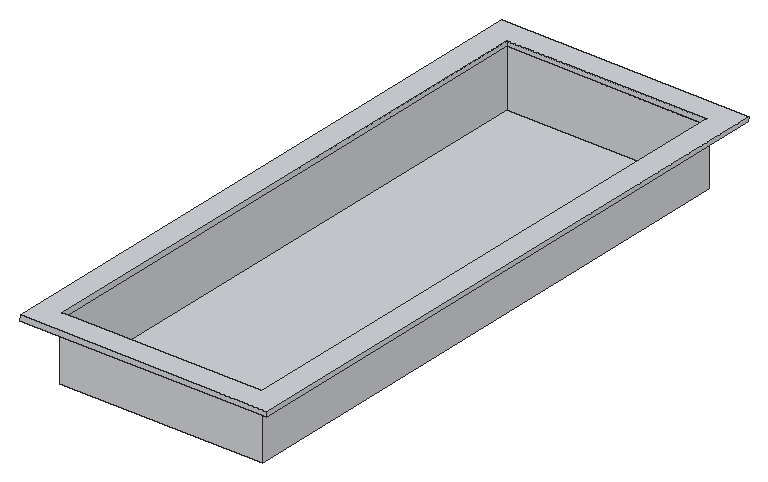
Revit family "Hager-VOLTA-Flush_mounted-Other-Without_Cover-Without_DIN-Hosted-PL-pl", category Electrical Equipment, host Face, Revit 2023
Family settings
  Host = Face
  Panel Configuration = Two Columns, Circuits Across
  Round Connector Dimension = Use Diameter
  Part Type = Panelboard
  Cut with Voids When Loaded = No
  Maintain Annotation Orientation = Yes
  Shared = No
  Room Calculation Point = No
Parameters (values of type "VOLTA-Flush_mounted_W348_H880_D98_12_Modular_Spacing-VU60NK")
  Width Control [instance] = if([HG000006-Flush mounted-pl], if([EF000846 - Szerokość wbudowania] > min_whd, [EF000846 - Szerokość wbudowania], min_whd), if([EF000008 - Szerokość] > min_whd, ([EF000008 - Szerokość]), min_whd))  # 314 mm
  Void Depth [instance] = if([HG000006-Flush mounted-pl], Depth Control, 1 mm)  # 90 mm
  Uniformat code = "D501001"
  Uniformat = "Low Tension Service & Dist."
  HGEF0002950-Szerokość wyrażona liczbą modułów = 12
  HGEF000266-Liczba rzędów = 5
  HG000131 - Functional label [instance] = ""
  HG000130 - Functional name [instance] = ""
  Type Comments = ""
  System Height [instance] = Height Control - 2 * [HG000005-Thickness-pl]  # 861 mm
  Reference description = ""
  Reference = "VOLTA-Flush_mounted_W348_H880_D98_12_Modular_Spacing-VU60NK"
  Object type = ""
  Name hager = "ADD_Enclosures_EC000214"
  Name BIM&CO = "Electricity"
  Name = "VOLTA-Flush_mounted-Other-Without_Cover-Without_DIN-PL"
  Model = ""
  HG000099-Onfly Template ID-pl-PL = "507532"
  HG000060-RAL-number = "9010"
  HG000059-Operating voltage-pl-PL [instance] = 230 V
  HG000017-Distance between poles-pl = 18 mm
  HG000016-Door 3D visibility-pl = yes
  HG000015-Clearance visibility-pl = yes
  HG000014-Door on the right-pl = yes
  HG000013-Door on the left-pl = no
  HG000012-Door swing angle-pl = 90.00°
  HG000011-Empty rows from bottom-pl = no
  HG000010-Asymmetric doors-pl = no
  HG000009-Double swing door-pl = no
  HG000008-Number of empty rows-pl = 0
  HG000007-Number of empty columns-pl = 0
  HG000006-Flush mounted-pl = yes
  HG000005-Thickness-pl = 2 mm
  HG000004-Manufacturer reference-pl = "VU60NK"
  HG000003-Range-pl = "VOLTA"
  HG000002-with door or cover-pl = no
  HG000001-Number of columns-pl = 0
  GTIN (Global Trade Item Number) = ""
  ETIM class name = "Small distribution board"
  ETIM class code = "EC000214"
  EF015941 - Drzwi przepuszczające sygnał = no
  EF015777 - Listwa zaciskowa przewodu neutralnego = no
  EF015776 - Listwa zaciskowa uziemienia = no
  EF009212 - Wykonanie/rodzaj pokrywy = ""
  EF006306 - Z zamkiem = no
  EF006244 - Transparentna pokrywa/drzwi = no
  EF005474 - Stopień ochrony (IP) = "Inne"
  EF004464 - Rodzaj drzwi = ""
  EF004462 - Rodzaj zamknięcia = "Inne"
  EF002950 - Szerokość wyrażona liczbą modułów = 12
  EF001596 - Materiał obudowy = ""
  EF001134 - Szyna DIN = no
  EF001131 - Głębokość wewnętrzna = 0 mm
  EF001088 - Możliwość rozbudowy = yes
  EF001062 - Wykonanie zgodne z Dyrektywą Kompatybilności Elektromagnetycznej EMC = no
  EF000846 - Szerokość wbudowania = 314 mm
  EF000339 - Rodzaj pokrywy = ""
  EF000332 - Wysokość wbudowania = 865 mm
  EF000266 - Liczba rzędów = 5
  EF000218 - Głębokość wbudowania = 90 mm
  EF000118 - Z płytą montażową = no
  EF000116 - Numer RAL = 9010
  EF000049 - Głębokość = 98 mm
  EF000040 - Wysokość = 880 mm
  EF000024 - Odporność na promieniowanie UV = no
  EF000008 - Szerokość = 348 mm
  EF000007 - Kolor = "Biały"
  EF000003 - Sposób montażu = "Montaż podtynkowy"
  Creation Date = "12/15/2025 21:47:11"
  Code hager = "ADD-EC000214_EU"
  BIM&CO code = ""
  BC_VARIANT_ID = "1174411"
  BC_OBJECT_VERSION = "#5"  # constant formula
  BC_OBJECT_ID = "513498"  # constant formula
  BC_MODEL_ID = "1547219"  # constant formula
  Arrow Offset [instance] = Depth Control / 8  # 11.25 mm
  Arrow Height [instance] = Depth Control - Arrow Offset  # 78.75 mm
  Host Offset [instance] = if([HG000006-Flush mounted-pl], 0 mm, [EF000049 - Głębokość])  # 0 mm
  min_whd [instance] = (2 * [HG000005-Thickness-pl]) + 1 mm  # 5 mm
  Manufacturer = "Hager"  # constant formula
  Height Control [instance] = if([HG000006-Flush mounted-pl], if([EF000332 - Wysokość wbudowania] > min_whd, [EF000332 - Wysokość wbudowania], min_whd), if([EF000040 - Wysokość] > min_whd, ([EF000040 - Wysokość]), min_whd))  # 865 mm
  Flush Mounted - Door Frame Width [instance] = if(([EF000040 - Wysokość] - [EF000332 - Wysokość wbudowania]) > 0 mm, if([HG000006-Flush mounted-pl], [EF000040 - Wysokość] - [EF000332 - Wysokość wbudowania], 0 mm), 0 mm)  # 15 mm
  Depth Control [instance] = if([HG000006-Flush mounted-pl], if([EF000218 - Głębokość wbudowania] > 0 mm, [EF000218 - Głębokość wbudowania], 1 mm), if([EF000049 - Głębokość] > 0 mm, ([EF000049 - Głębokość]), 1 mm))  # 90 mm
  Default Elevation = 0 mm
Types (5, lengths in mm): name | HGEF000266-Liczba rzędów | System Height | Reference | HG000060-RAL-number | HG000004-Manufacturer reference-pl | EF009212 - Wykonanie/rodzaj pokrywy | EF004462 - Rodzaj zamknięcia | EF001062 - Wykonanie zgodne z Dyrektywą Kompatybilności Elektromagnetycznej EMC | EF000332 - Wysokość wbudowania | EF000266 - Liczba rzędów | EF000116 - Numer RAL | EF000049 - Głębokość | EF000040 - Wysokość | EF000008 - Szerokość | EF000007 - Kolor | BC_VARIANT_ID | Height Control | Flush Mounted - Door Frame Width
  VOLTA-Flush_mounted_W330_H355_D94_12_Modular_Spacing-VU12NK | 1 | 342 | "VOLTA-Flush_mounted_W330_H355_D94_12_Modular_Spacing-VU12NK" | "7035" | "VU12NK" | "Zamknięty" | "" | yes | 346 | 1 | 7035 | 94 | 355 | 330 | "Szary" | "1174404" | 346 | 9
  VOLTA-Flush_mounted_W348_H505_D98_12_Modular_Spacing-VU24NK | 2 | 467 | "VOLTA-Flush_mounted_W348_H505_D98_12_Modular_Spacing-VU24NK" | "9010" | "VU24NK" | "" | "Inne" | no | 471 | 2 | 9010 | 98 | 505 | 348 | "Biały" | "1174406" | 471 | 34
  VOLTA-Flush_mounted_W348_H630_D98_12_Modular_Spacing-VU36NK | 3 | 592 | "VOLTA-Flush_mounted_W348_H630_D98_12_Modular_Spacing-VU36NK" | "9010" | "VU36NK" | "" | "Inne" | no | 596 | 3 | 9010 | 98 | 630 | 348 | "Biały" | "1174408" | 596 | 34
  VOLTA-Flush_mounted_W348_H755_D98_12_Modular_Spacing-VU48NK | 4 | 717 | "VOLTA-Flush_mounted_W348_H755_D98_12_Modular_Spacing-VU48NK" | "9010" | "VU48NK" | "" | "Inne" | no | 721 | 4 | 9010 | 98 | 755 | 348 | "Biały" | "1174409" | 721 | 34
  VOLTA-Flush_mounted_W348_H880_D98_12_Modular_Spacing-VU60NK | 5 | 861 | "VOLTA-Flush_mounted_W348_H880_D98_12_Modular_Spacing-VU60NK" | "9010" | "VU60NK" | "" | "Inne" | no | 865 | 5 | 9010 | 98 | 880 | 348 | "Biały" | "1174411" | 865 | 15
Reference planes
  plane 1 "Center (Front/Back)": y = 0
  plane 2: z = 0
  plane 3 "Center (Left/Right)": x = 0
  plane 4: z = 0
  plane 5: y = 17
  plane 6: z = -5
  plane 7: y = 447.5
  plane 8: y = 15
  plane 9: y = 880
  plane 10: z = -90
  plane 11: x = -157
  plane 12: x = 157
  plane 13: x = 155
  plane 14: x = -155
  plane 15: y = 878
  plane 16: z = -88
  plane 17: z = -2
  plane 18: z = -90
  plane 19: z = -2
  plane 20 "Annotation H": y = -100
  plane 21 "Annotation V": x = 457
Forms (mm)
  Extrusion 1, solid
    sketch origin (-583.045, 15, 1219.2) x (-1, 0, 0) y (0, 0, 1)
      loop
        line (-426.045, -1219.2) -> (-740.045, -1219.2) -> (-740.045, -1309.2) -> (-426.045, -1309.2) -> (-426.045, -1219.2)
    from 0 to 865 <- "Height Control"
  Extrusion 2, void
    sketch origin (-381.607, -4572, 0) x (0, -1, 0) y (-1, 0, 0)
      loop
        line (-5450, -226.607) -> (-5450, -536.607) -> (-4589, -536.607) -> (-4589, -226.607) -> (-5450, -226.607)
    from 0 to 88
  Extrusion 3, void
    sketch origin (0, 0, 0) x (1, 0, 0) y (0, 1, 0)
      loop
        line (-157, 15) -> (157, 15) -> (157, 880) -> (-157, 880) -> (-157, 15)
    from -90 to 1
  Extrusion 4, solid, detail levels coarse+medium
    sketch origin (-381.607, -4572, 0) x (-1, 0, 0) y (0, -1, 0)
      loop
        line (-226.607, -5450) -> (-226.607, -4589) -> (-536.607, -4589) -> (-536.607, -5450) -> (-226.607, -5450)
    from 0 to -2
Cuts and joins
  Extrusion 2 cuts Extrusion 1
Dimensions and locks
  plane 4 to plane 6 = 5 mm
  "Host Offset": plane 4 to host face
  "Flush Mounted - Door Frame Width": plane 1 "Center (Front/Back)" to plane 8
  "HG000005-Thickness-pl": plane 5 to plane 8
  locked: connector elem to plane 3 "Center (Left/Right)"
  "Height Control": plane 9 to plane 8
  equal spacing: plane 9, plane 7, plane 8
  locked: connector elem to plane 7
  "Depth Control": plane 4 to plane 10
  "HG000005-Thickness-pl": plane 11 to plane 14
  "HG000005-Thickness-pl": plane 12 to plane 13
  equal spacing: plane 11, plane 3 "Center (Left/Right)", plane 12
  "Width Control": plane 11 to plane 12
  "Arrow Offset": nested 4 to plane 10
  "HG000005-Thickness-pl": plane 9 to plane 15
  "HG000005-Thickness-pl": plane 16 to plane 10
  "HG000005-Thickness-pl": plane 4 to plane 17
  "Void Depth": plane 2 to plane 18
  "HG000005-Thickness-pl": plane 4 to plane 19
  locked: plane 20 "Annotation H" to plane 1 "Center (Front/Back)" at 100
  locked: plane 12 to plane 21 "Annotation V" at 300
  aligned and locked: plane 2 to host face
  aligned and locked: level to host face
  aligned and locked: plane 3 "Center (Left/Right)" to nested 2
  aligned and locked: plane 4 to nested 2
  aligned and locked: nested 2 to plane 8
  aligned and locked: nested 1 to plane 6
  aligned and locked: plane 5 to nested 1
  aligned and locked: nested 4 to plane 11
  aligned and locked: nested 3 to plane 4
  aligned and locked: Extrusion 1 sketch curve to plane 12
  aligned and locked: Extrusion 1 sketch curve to plane 11
  aligned and locked: nested 3 to plane 10
  aligned and locked: plane 10 to Extrusion 1 sketch curve
  aligned and locked: plane 5 to Extrusion 2 sketch curve
  aligned and locked: Extrusion 2 sketch curve to plane 15
  aligned and locked: Extrusion 2 sketch curve to plane 14
  aligned and locked: Extrusion 2 sketch curve to plane 13
  aligned and locked: plane 11 to Extrusion 3 sketch curve
  aligned and locked: plane 9 to Extrusion 3 sketch curve
  aligned and locked: Extrusion 3 sketch curve to plane 8
  aligned and locked: plane 12 to Extrusion 3 sketch curve
  aligned and locked: nested 3 to plane 12
  aligned and locked: Extrusion 3 to plane 18
  aligned and locked: Extrusion 2 to plane 16
  aligned and locked: Extrusion 1 sketch curve to plane 4
  aligned and locked: Extrusion 4 to plane 17
  aligned and locked: Extrusion 4 sketch curve to plane 15
  aligned and locked: Extrusion 4 sketch curve to plane 13
  aligned and locked: Extrusion 4 sketch curve to plane 14
  aligned and locked: plane 5 to Extrusion 4 sketch curve
  aligned and locked: nested 5 to plane 21 "Annotation V"
  aligned and locked: plane 20 "Annotation H" to nested 5
Automatic sketch dimensions
  host sketch curve to host sketch curve = 1469.727 mm
  host sketch curve to host sketch curve = 1434.803 mm
Nested families
  nested 1: "Hager_Enclosure_System" at (0, 17, -5) x (1, 0, 0) z (0, 1, 0), Height <- "System Height", Width_Control <- "Width Control", Built-in_Width <- "EF000846 - Szerokość wbudowania", Width <- "EF000008 - Szerokość", Depth <- "HG000005-Thickness-pl", Border <- "HG000005-Thickness-pl", Distance_Between_Poles <- "HG000017-Distance between poles-pl", Flush_Mounted <- "HG000006-Flush mounted-pl", Empty_Columns <- "HG000007-Number of empty columns-pl", Total_No_Empty_Rows <- "HG000008-Number of empty rows-pl", Empty_Rows_From_Bottom <- "HG000011-Empty rows from bottom-pl", Columns_Count <- "HG000001-Number of columns-pl", Rows_Count <- "HGEF000266-Liczba rzędów", Row_Module_Multiplicator <- "HGEF0002950-Szerokość wyrażona liczbą modułów", type "Hager_Enclosure_System", detail levels fine
    with Width_Control 314 mm, Width 348 mm, Total_No_Rows 5, Total_No_Empty_Rows 0, Total_No_Columns 1, System_Width 310 mm, Rows_Count 5, Rows_Column 5, Row_Module_Multiplicator 12, Panel_4 no, Panel_3 no, Panel_2 no, Panel_1 no, No_Panels_Ctrl 1, Hide_Columns yes, Height 861 mm, Flush_Mounted yes, Empty_Rows_From_Bottom no, Empty_Rows_Column 0, Empty_Columns 0, Empty column 4 0, Empty column 3 0, Empty column 2 0, Empty column 1 0, Distance_Between_Poles 18 mm, Depth 2 mm, Columns_Count 0, Column_Width 310 mm, Built-in_Width 314 mm, Border 2 mm
  nested 2: "Hager_Enclosure_Door" at (0, 15, 0) x (1, 0, 0) z (0, 1, 0), Height_Ctrl <- "Height Control", Width_Ctrl <- "Width Control", BuiltIn_Depth <- "EF000218 - Głębokość wbudowania", Depth <- "EF000049 - Głębokość", BuiltIn_Width <- "EF000846 - Szerokość wbudowania", Height <- "EF000040 - Wysokość", BuiltIn_Height <- "EF000332 - Wysokość wbudowania", Width <- "EF000008 - Szerokość", Transparent <- "EF006244 - Transparentna pokrywa/drzwi", Border <- "HG000005-Thickness-pl", Door <- "HG000002-with door or cover-pl", Flush_Mounted <- "HG000006-Flush mounted-pl", Double <- "HG000009-Double swing door-pl", Assymetrical <- "HG000010-Asymmetric doors-pl", Angle <- "HG000012-Door swing angle-pl", Door_Left <- "HG000013-Door on the left-pl", Door_Right <- "HG000014-Door on the right-pl", Clearance <- "HG000015-Clearance visibility-pl", 3d_Door <- "HG000016-Door 3D visibility-pl", type "Hager_Enclosure_Door", detail levels medium+fine
    with min_wh 5 mm, Width_Ctrl 314 mm, Width 348 mm, Transparent_Door_No_Bottom_Border no, Transparent no, Leaf_Width 307 mm, Leaf_Tolerance 1.5 mm, Leaf_Height 858 mm, Leaf_2_Width 307 mm, Leaf_2_Offset 153.5 mm, Leaf_1_Width 307 mm, Leaf_1_Offset 153.5 mm, Height_Ctrl 865 mm, Height 880 mm, Frame_Width_Ctrl 34 mm, Frame_Width 34 mm, Frame_Internal_Offset 2 mm, Frame_Height_Ctrl 15 mm, Frame_Height 15 mm, Frame_Depth_Ctrl 8 mm, Frame_Depth 8 mm, Flush_Mounted yes, Double_Clearance_Ctrl no, Double no, Door_Right_Ctrl no, Door_Right yes, Door_Left_Ctrl no, Door_Left no, Door no, Depth 98 mm, Clearance_Depth 307 mm, Clearance_Ctrl yes, Clearance yes, BuiltIn_Width 314 mm, BuiltIn_Height 865 mm, BuiltIn_Depth 90 mm, Border 2 mm, Assymetrical no, Angle 90.00°, 3d_Door yes
  nested 3: "Hager_Enclosure_Symbol_Triangle" at (-157, 0, -90) x (1, 0, 0) z (0, -1, 0), Depth <- "Depth Control", Width <- "Width Control", type "Hager_Enclosure_Symbol_Triangle"
    with Width_Ctrl 314 mm, Width 314 mm, Depth_Ctrl 90 mm, Depth 90 mm
  nested 4: "Hager_Enclosure_Symbol_Arrow" at (-157, 0, -78.75) x (1, 0, 0) z (0, -1, 0), Height <- "Arrow Height", type "Hager_Enclosure_Symbol_Arrow"
    with Width_Inside 5.906 mm, Width 70.875 mm, Height_Ctrl 78.75 mm, Height 78.75 mm
  nested 5: "Hager_Annotation-HG000130" at (457, -100, 0) x (-1, 0, 0) z (0, 0, 1), HG000130 - Functional name <- "HG000130 - Functional name", type "Hager_Annotation-HG000130"
    with HG000130 - Functional name ""
Connectors
  electrical at (0, 447.5, -90)
    settings: on plane 10, index 1, voltage 0 V, apparent load 0 VA, apparent load phase1 0 VA, apparent load phase2 0 VA, apparent load phase3 0 VA, power factor 1, load classification "Other", number of poles 1, system type 30, power factor state 1, is connector primary yes, connector utility no, sub classification motor no, connector description ""
Definition of nested family "Hager_Enclosure_Door"
  Parameters (values of type "Hager_Enclosure_Door")
    min_wh [instance] = (2 * Border) + 1 mm  # 11 mm
    Width_Ctrl [instance] = 400 mm
    Width [instance] = 500 mm
    Transparent_Door_No_Bottom_Border [instance] = no
    Transparent [instance] = yes
    Leaf_Width [instance] = if((Width_Ctrl - 2 * Border - 2 * Leaf_Tolerance) > 0 mm, (Width_Ctrl - 2 * Border - 2 * Leaf_Tolerance), min_wh)  # 387 mm
    Leaf_Tolerance [instance] = 1.5 mm  # constant formula
    Leaf_Height [instance] = if((Height_Ctrl - 2 * Border - 2 * Leaf_Tolerance) > 0 mm, (Height_Ctrl - 2 * Border - 2 * Leaf_Tolerance), min_wh)  # 387 mm
    Leaf_2_Width [instance] = if(and(and(Double, Assymetrical), Door_Left), (Leaf_Width / 3) - (Leaf_Tolerance / 2), if(and(and(Double, Assymetrical), Door_Right), (Leaf_Width / 3) * 2 - (Leaf_Tolerance / 2), if(and(Double, not(Assymetrical)), (Leaf_Width / 2) - Leaf_Tolerance, Leaf_Width)))  # 387 mm
    Leaf_2_Offset [instance] = if(and(Double, Assymetrical), Leaf_2_Width / 2, if(and(Double, not(Assymetrical)), Leaf_Width / 4, Leaf_Width / 2))  # 193.5 mm
    Leaf_1_Width [instance] = if(and(and(Double, Assymetrical), Door_Right), (Leaf_Width / 3) - (Leaf_Tolerance / 2), if(and(and(Double, Assymetrical), Door_Left), (Width / 3) * 2 - (Leaf_Tolerance / 2), if(and(Double, not(Assymetrical)), (Leaf_Width / 2) - Leaf_Tolerance, Leaf_Width)))  # 387 mm
    Leaf_1_Offset [instance] = if(and(Double, Assymetrical), Leaf_1_Width / 2, if(and(Double, not(Assymetrical)), Leaf_Width / 4, Leaf_Width / 2))  # 193.5 mm
    Height_Ctrl [instance] = 400 mm
    Height [instance] = 500 mm
    Frame_Width_Ctrl [instance] = if(Frame_Width > 0 mm, Frame_Width, 1 mm)  # 1 mm
    Frame_Width [instance] = Width - BuiltIn_Width  # 0 mm
    Frame_Internal_Offset [instance] = if(Flush_Mounted, Border, 0 mm)  # 5 mm
    Frame_Height_Ctrl [instance] = if(Frame_Height > 0 mm, Frame_Height, 1 mm)  # 1 mm
    Frame_Height [instance] = Height - BuiltIn_Height  # 0 mm
    Frame_Depth_Ctrl [instance] = if(Frame_Depth > 0 mm, Frame_Depth, 1 mm)  # 1 mm
    Frame_Depth [instance] = if(Depth - BuiltIn_Depth > 0 mm, if(Flush_Mounted, Depth - BuiltIn_Depth, 0 mm), 0 mm)  # 0 mm
    Flush_Mounted [instance] = yes
    Double_Clearance_Ctrl [instance] = and(Double, Clearance)  # no
    Double [instance] = no
    Door_Right_Ctrl [instance] = and(or(Door_Right, Double), Door)  # yes
    Door_Right [instance] = yes
    Door_Left_Ctrl [instance] = and(or(Door_Left, Double), Door)  # no
    Door_Left [instance] = no
    Door [instance] = yes
    Depth [instance] = 500 mm
    Default Elevation = 1219.2 mm
    Clearance_Material = none
    Clearance_Depth [instance] = if(Leaf_1_Width > Leaf_2_Width, Leaf_1_Width, Leaf_2_Width)  # 387 mm
    Clearance_Ctrl [instance] = and(not(Double), Clearance)  # yes
    Clearance [instance] = yes
    BuiltIn_Width [instance] = 500 mm
    BuiltIn_Height [instance] = 500 mm
    BuiltIn_Depth [instance] = 500 mm
    Border [instance] = 5 mm
    Assymetrical [instance] = yes
    Angle [instance] = 30.00°
    3d_Door [instance] = yes
  Reference planes
    plane 1 "Center (Front/Back)": y = 0
    plane 2 "Bottom": z = 0
    plane 3 "Center (Left/Right)": x = 0
    plane 4: z = 400
    plane 5: x = -200
    plane 6: x = 200
    plane 7: z = 395
    plane 8: x = -195
    plane 9: z = 5
    plane 10: x = 195
    plane 11: y = 0
    plane 12: z = 6.5
    plane 13: x = -582
    plane 14: y = -387
    plane 15: x = 582
    plane 16: x = 0
    plane 17: x = 0
    plane 18: x = -193.5
    plane 19: x = 193.5
    plane 20: z = 393.5
  Forms (mm)
    Extrusion 1, solid, visible <- "Flush_Mounted"
      sketch origin (0, 0, 0) x (1, 0, 0) y (0, 0, 1)
        loop
          line (195, 5) -> (195, 395) -> (-195, 395) -> (-195, 5) -> (195, 5)
        loop
          line (-201, 401) -> (-201, -1) -> (201, -1) -> (201, 401) -> (-201, 401)
      from 0 to 1 <- "Frame_Depth_Ctrl"
    Extrusion 2, solid, material <- "Clearance_Material", visible <- "Double_Clearance_Ctrl"
      sketch origin (1200, 0, 0) x (1, 0, 0) y (0, 0, -1)
        loop
          line (-1782, -393.5) -> (-618, -393.5) -> (-618, 0) -> (-1782, 0) -> (-1782, -393.5)
      from 0 to -387
  Dimensions and locks
    equal spacing: plane 5, plane 3 "Center (Left/Right)", plane 6
    "Width_Ctrl": plane 5 to plane 6
    "Border": plane 5 to plane 8
    "Border": plane 6 to plane 10
    "Border": plane 9 to level
    "Border": plane 4 to plane 7
    "Height_Ctrl": plane 4 to level
    "Leaf_Tolerance": plane 12 to plane 9
    "Frame_Depth": plane 11 to plane 1 "Center (Front/Back)"
    "Frame_Width_Ctrl": plane 5 to Extrusion 1 sketch curve
    "Frame_Width_Ctrl": plane 6 to Extrusion 1 sketch curve
    "Frame_Width_Ctrl": Extrusion 1 sketch curve to plane 4
    "Frame_Width_Ctrl": plane 2 "Bottom" to Extrusion 1 sketch curve
    "Leaf_1_Offset": plane 18 to plane 16
    "Leaf_2_Offset": plane 17 to plane 19
    "Leaf_1_Width": plane 13 to plane 8
    "Leaf_2_Width": plane 10 to plane 15
    "Clearance_Depth": plane 14 to plane 1 "Center (Front/Back)"
    "Leaf_Tolerance": plane 8 to plane 18
    "Leaf_Tolerance": plane 19 to plane 10
    "Leaf_Tolerance": plane 7 to plane 20
    "Frame_Internal_Offset": plane 5 to Extrusion 1 sketch curve
    "Frame_Internal_Offset": Extrusion 1 sketch curve to plane 2 "Bottom"
    "Frame_Internal_Offset": plane 6 to Extrusion 1 sketch curve
    "Frame_Internal_Offset": plane 4 to Extrusion 1 sketch curve
    aligned and locked: level to plane 2 "Bottom"
    aligned and locked: nested 1 to plane 16
    aligned and locked: nested 2 to plane 17
    aligned and locked: Extrusion 2 to plane 13
    aligned and locked: plane 15 to Extrusion 2
    aligned and locked: Extrusion 2 to plane 14
    aligned and locked: plane 12 to nested 1
    aligned and locked: nested 2 to plane 12
    aligned and locked: Extrusion 2 to plane 11
    aligned and locked: plane 20 to Extrusion 2
    aligned and locked: nested 2 to plane 11
    aligned and locked: nested 1 to plane 11
  Automatic sketch dimensions
    Extrusion 2 sketch curve to level = 0 mm
    plane 5 to Extrusion 2 sketch curve = 382 mm
    plane 6 to Extrusion 2 sketch curve = 382 mm
    Extrusion 2 sketch curve to plane 4 = 6.5 mm
  Nested families
    nested 1: "Hager_Enclosure_Door_Leaf" at (0, 0, 6.5), Width <- "Leaf_1_Width", visible <- "Door_Left_Ctrl", Leaf_Height <- "Leaf_Height", Angle <- "Angle", Depth <- "Border", 3d_Door <- "3d_Door", Transparent <- "Transparent", Clearance Material <- "Clearance_Material", Clearance <- "Clearance_Ctrl", Transparent_Door_No_Bottom_Border <- "Transparent_Door_No_Bottom_Border", type "Hager_Enclosure_Door_Leaf"
      with Width 387 mm, Transparent_Door_No_Bottom_Border no, Transparent_Door_Border_Bottom_Top 25 mm, Transparent_Door_Border 25 mm, Transparent_Ctrl yes, Transparent yes, Standard no, Leaf_Height 387 mm, Glass_Offset 1 mm, Depth 5 mm, Clearance Material none, Clearance yes, Angle_Ctrl 30.00°, Angle 30.00°, 3d_Door yes
    nested 2: "Hager_Enclosure_Door_Leaf" at (0, 0, 6.5) x (-1, 0, 0) z (0, 0, 1), Width <- "Leaf_2_Width", visible <- "Door_Right_Ctrl", Leaf_Height <- "Leaf_Height", Angle <- "Angle", Depth <- "Border", 3d_Door <- "3d_Door", Transparent <- "Transparent", Clearance Material <- "Clearance_Material", Clearance <- "Clearance_Ctrl", Transparent_Door_No_Bottom_Border <- "Transparent_Door_No_Bottom_Border", type "Hager_Enclosure_Door_Leaf"
      with Width 387 mm, Transparent_Door_No_Bottom_Border no, Transparent_Door_Border_Bottom_Top 25 mm, Transparent_Door_Border 25 mm, Transparent_Ctrl yes, Transparent yes, Standard no, Leaf_Height 387 mm, Glass_Offset 1 mm, Depth 5 mm, Clearance Material none, Clearance yes, Angle_Ctrl 30.00°, Angle 30.00°, 3d_Door yes
  Definition of nested family "Hager_Enclosure_Door_Leaf"
    Parameters (values of type "Hager_Enclosure_Door_Leaf")
      Width [instance] = 2000 mm
      Transparent_Door_No_Bottom_Border [instance] = yes
      Transparent_Door_Border_Bottom_Top [instance] = if(Transparent_Door_No_Bottom_Border, 0.1 mm, Transparent_Door_Border)  # 0.1 mm
      Transparent_Door_Border [instance] = if(Transparent_Door_No_Bottom_Border, (Width * 0.12), 25 mm)  # 240 mm
      Transparent_Ctrl [instance] = and(Transparent, [3d_Door])  # yes
      Transparent [instance] = yes
      Standard [instance] = and(not(Transparent), [3d_Door])  # no
      Leaf_Height [instance] = 2720.336 mm
      Glass_Offset [instance] = if((Depth - 10 mm) / 2 > 0 mm, (Depth - 10 mm) / 2, 1 mm)  # 15 mm
      Glass_Material = none
      Depth [instance] = 40 mm
      Default Elevation = 0 mm
      Clearance Material [instance] = none
      Clearance [instance] = yes
      Angle_Ctrl [instance] = if(Angle > 170.00°, 170.00°, Angle)  # 45.00°
      Angle [instance] = 45.00°
      3d_Door [instance] = yes
    Reference planes
      plane 1 "Center (Front/Back)": y = 0
      plane 2: z = 0
      plane 3 "Center (Left/Right)": x = 0
      plane 4: y = 2000
      plane 5: x = -1000
      plane 6: x = 1000
      plane 7: x = -3000
      plane 8: z = 2720.336
      plane 9: z = 0.1
      plane 10: z = 2720.236
      plane 11: x = 760
      plane 12: x = -760
    Forms (mm)
      Extrusion 1, solid, material <- "Clearance Material", visible <- "Clearance"
        sketch origin (0, 0, 0) x (1, 0, 0) y (0, 0, 1)
          loop
            line (-3000, 2720.336) -> (-3000, 0) -> (1000, 0) -> (1000, 2720.336) -> (-3000, 2720.336)
        from 0 to -2000
      Extrusion 2, solid, visible <- "Standard", detail levels medium+fine
        sketch origin (-1000, 0, 0) x (0.707107, 0.707107, 0) y (-0.707107, 0.707107, 0)
          loop
            line (0, -40) -> (2000, -40) -> (2000, 0) -> (0, 0) -> (0, -40)
        from 0 to 2720.336 <- "Leaf_Height"
      Extrusion 3, solid, visible <- "Transparent_Ctrl", detail levels medium+fine
        sketch origin (-1000, 0, 0) x (0.707107, 0.707107, 0) y (-0.707107, 0.707107, 0)
          loop
            line (0, -40) -> (2000, -40) -> (2000, 0) -> (0, 0) -> (0, -40)
        from 0 to 2720.336 <- "Leaf_Height"
      Extrusion 4, void, detail levels medium+fine
        sketch origin (-1000, 0, 0) x (-0.707107, 0.707107, 0) y (0.707107, 0.707107, 0)
          loop
            line (0, 240) -> (0, 1760) -> (-40, 1760) -> (-40, 240) -> (0, 240)
        from -2720.236 to -0.1
      Extrusion 5, solid, material <- "Glass_Material", visible <- "Transparent_Ctrl", detail levels medium+fine
        sketch origin (-1000, 0, 0) x (0.707107, 0.707107, 0) y (-0.707107, 0.707107, 0)
          loop
            line (240, -15) -> (240, -25) -> (1760, -25) -> (1760, -15) -> (240, -15)
        from 0.1 to 2720.236
    Cuts and joins
      Extrusion 4 cuts Extrusion 3
    Lines and regions (mm)
      symbolic lines
        curve 1: line (1000, 0, 0) -> (-3000, 0, 0)
        curve 2: arc (1000, 0, 0) -> (-1000, 2000, 0) -> (-3000, 0, 0) r 2000
        curve 4: line (-1000, 0, 0) -> (414.214, 1414.214, 0)
      reference lines
        curve 3: line (-1000, 0, 0) -> (414.214, 1414.214, 0)
      symbolic lines, detail levels medium+fine
        curve 5: line (414.214, 1414.214, 0) -> (442.498, 1385.929, 0)
        curve 6: line (442.498, 1385.929, 0) -> (-971.716, -28.284, 0)
        curve 7: line (-971.716, -28.284, 0) -> (-1000, 0, 0)
        curve 8: line (-1000, 0, 2720.336) -> (1000, 0, 2720.336)
        curve 9: line (-1000, 0, 0) -> (-1000, 0, 2720.336)
        curve 10: line (1000, 0, 0) -> (-1000, 0, 0)
        curve 11: line (1000, 0, 2720.336) -> (1000, 0, 0)
      symbolic lines, visible <- "Transparent_Ctrl", detail levels medium+fine
        curve 12: line (-760, 0, 2720.236) -> (760, 0, 2720.236)
        curve 13: line (-760, 0, 0.1) -> (-760, 0, 2720.236)
        curve 14: line (760, 0, 0.1) -> (-760, 0, 0.1)
        curve 15: line (760, 0, 2720.236) -> (760, 0, 0.1)
    Dimensions and locks
      "Width": plane 1 "Center (Front/Back)" to plane 4
      equal spacing: plane 5, plane 3 "Center (Left/Right)", plane 6
      "Width": plane 5 to plane 6
      "Width": plane 7 to plane 5
      "Leaf_Height": plane 8 to level
      "Depth": curve 6 to curve 3
      "Width": curve 5 to curve 3
      "Width": curve 3 to curve 3
      "Transparent_Door_Border": Extrusion 4 sketch curve to curve 7
      "Transparent_Door_Border": Extrusion 4 sketch curve to curve 5
      "Transparent_Door_Border_Bottom_Top": plane 8 to plane 10
      "Transparent_Door_Border_Bottom_Top": plane 9 to level
      "Glass_Offset": Extrusion 5 sketch curve to curve 4
      "Glass_Offset": Extrusion 5 sketch curve to curve 6
      "Transparent_Door_Border": Extrusion 5 sketch curve to curve 5
      "Transparent_Door_Border": Extrusion 5 sketch curve to curve 7
      "Transparent_Door_Border": plane 12 to plane 5
      "Transparent_Door_Border": plane 6 to plane 11
      "Angle_Ctrl": angle plane 1 "Center (Front/Back)" to curve 3
      aligned and locked: level to plane 2
      aligned and locked: Extrusion 1 to curve 1
      aligned and locked: plane 6 to Extrusion 1
      aligned and locked: Extrusion 1 to plane 1 "Center (Front/Back)"
      aligned and locked: plane 4 to Extrusion 1
      aligned and locked: plane 8 to Extrusion 1
      aligned and locked: curve 4 to curve 3
      aligned and locked: Extrusion 2 sketch curve to curve 7
      aligned and locked: Extrusion 2 sketch curve to curve 6
      aligned and locked: Extrusion 2 sketch curve to curve 5
      aligned and locked: Extrusion 2 sketch curve to curve 3
      aligned and locked: curve 7 to Extrusion 3 sketch curve
      aligned and locked: Extrusion 3 sketch curve to curve 4
      aligned and locked: Extrusion 3 sketch curve to curve 6
      aligned and locked: Extrusion 3 sketch curve to curve 5
      aligned and locked: curve 4 to Extrusion 4 sketch curve
      aligned and locked: curve 6 to Extrusion 4 sketch curve
      aligned and locked: Extrusion 4 to plane 9
      aligned and locked: Extrusion 4 to plane 10
      aligned and locked: Extrusion 5 to plane 9
      aligned and locked: Extrusion 5 to plane 10
      aligned and locked: curve 8 to plane 8
      aligned and locked: plane 5 to curve 9
      aligned and locked: plane 2 to curve 10
      aligned and locked: curve 11 to plane 6
      aligned and locked: plane 10 to curve 12
      aligned and locked: plane 12 to curve 13
      aligned and locked: curve 14 to plane 9
      aligned and locked: plane 11 to curve 15
    Automatic sketch dimensions
      plane 1 "Center (Front/Back)" to curve 2 = 0 mm
      curve 2 to plane 5 = 0 mm
      Extrusion 1 sketch curve to level = 0 mm
      Extrusion 1 sketch curve to plane 7 = 0 mm
      Extrusion 1 sketch curve to plane 6 = 0 mm
      Extrusion 1 sketch curve to plane 8 = 0 mm
      plane 1 "Center (Front/Back)" to curve 3 = 0 mm
      curve 3 to plane 5 = 0 mm
      curve 7 to curve 3 = 0 mm
Definition of nested family "Hager_Enclosure_Symbol_Triangle"
  Parameters (values of type "Hager_Enclosure_Symbol_Triangle")
    Width_Ctrl [instance] = if(Width > 1 mm, Width, 1 mm)  # 498 mm
    Width [instance] = 498 mm
    Depth_Ctrl [instance] = if(Depth > 1 mm, Depth, 1 mm)  # 72 mm
    Depth [instance] = 72 mm
  Reference planes
    plane 1 "Centre (avant/arrière)": y = 0
    plane 2: z = 0
    plane 3 "Centre (gauche/droite)": x = 0
  Lines and regions (mm)
    Filled region 1, type "Solid_Black", in view "Niveau de réf."
      outline origin (0, 0, 0) x (1, 0, 0) y (0, 1, 0)
        loop
          line (0, 0) -> (498, 0) -> (498, 72) -> (0, 0)
    reference lines, in view "Niveau de réf."
      curve 1: line (-206.153, 72, 0) -> (1083.258, 72, 0)
      curve 2: line (498, 405.456, 0) -> (498, -517.619, 0)
  Dimensions and locks
    "Depth_Ctrl": plane 1 "Centre (avant/arrière)" to curve 1
    "Width_Ctrl": plane 3 "Centre (gauche/droite)" to curve 2
    aligned and locked: curve 1 to Filled region 1 sketch curve
    aligned and locked: Filled region 1 sketch curve to plane 1 "Centre (avant/arrière)"
    aligned and locked: curve 2 to Filled region 1 sketch curve
    aligned and locked: plane 3 "Centre (gauche/droite)" to Filled region 1 sketch curve
    aligned and locked: plane 1 "Centre (avant/arrière)" to Filled region 1 sketch curve
  Automatic sketch dimensions
    curve 1 to plane 3 "Centre (gauche/droite)" = 206.153 mm
    curve 2 to curve 1 = 585.258 mm
    plane 1 "Centre (avant/arrière)" to curve 2 = 517.619 mm
    curve 2 to plane 1 "Centre (avant/arrière)" = 405.456 mm
Definition of nested family "Hager_Enclosure_Symbol_Arrow"
  Parameters (values of type "Hager_Enclosure_Symbol_Arrow")
    Width_Inside [instance] = if(Width / 12 > 2 mm, Width / 12, 2 mm)  # 4.987 mm
    Width [instance] = if(Height_Ctrl * 0.9 > 2 mm, Height_Ctrl * 0.9, 2 mm)  # 59.85 mm
    Height_Ctrl [instance] = if(Height > 2 mm, Height, 2 mm)  # 66.5 mm
    Height [instance] = 66.5 mm
  Reference planes
    plane 1 "Centre (avant/arrière)": y = 0
    plane 2: z = 0
    plane 3 "Centre (gauche/droite)": x = 0
    plane 4: x = 59.85
    plane 5: y = 28.263
    plane 6: y = 38.238
    plane 7: y = 66.5
    plane 8: x = 29.925
    plane 9: y = 33.25
  Lines and regions (mm)
    Filled region 1, type "Solid_Black", in view "Niveau de réf."
      outline origin (0, 0, 0) x (1, 0, 0) y (0, 1, 0)
        loop
          line (59.85, 66.5) -> (37.929, 52.827) -> (51.846, 41.935) -> (59.85, 66.5)
    detail lines, in view "Niveau de réf."
      curve 1: line (0, 0, 0) -> (29.925, 38.238, 0)
      curve 2: line (29.925, 38.238, 0) -> (29.925, 28.263, 0)
      curve 3: line (29.925, 28.263, 0) -> (59.85, 66.5, 0)
  Dimensions and locks
    "Width": plane 3 "Centre (gauche/droite)" to plane 4
    "Height_Ctrl": plane 7 to plane 1 "Centre (avant/arrière)"
    equal spacing: plane 3 "Centre (gauche/droite)", plane 8, plane 4
    equal spacing: plane 7, plane 9, plane 1 "Centre (avant/arrière)"
    equal spacing: plane 6, plane 9, plane 5
    "Width_Inside": plane 6 to plane 9
    equal spacing: curve 3, Filled region 1 sketch curve, Filled region 1 sketch curve
    angle Filled region 1 sketch curve to curve 3 = 20.00°
    angle curve 3 to Filled region 1 sketch curve = 20.00°
    locked: curve 3 to Filled region 1 sketch curve (angle 90.00°)
  Automatic sketch dimensions
    plane 1 "Centre (avant/arrière)" to curve 1 = 0 mm
    curve 1 to plane 3 "Centre (gauche/droite)" = 0 mm
    curve 2 to plane 6 = 0 mm
    curve 3 to plane 8 = 0 mm
    curve 3 to plane 4 = 0 mm
    curve 2 to plane 5 = 0 mm
    curve 3 to plane 7 = 0 mm
    Filled region 1 sketch curve to plane 4 = 0 mm
    Filled region 1 sketch curve to plane 7 = 0 mm
Definition of nested family "Hager_Annotation-HG000130"
  Parameters (values of type "Hager_Annotation-HG000130")
    HG000130 - Functional name [instance] = ""
  Reference planes
    plane 1: y = 0
    plane 2: x = 0
  Lines and regions (mm)
    detail lines
      curve 1: line (-27.5, 10, 0) -> (27.5, 10, 0)
      curve 2: line (-27.5, -10, 0) -> (-27.5, 10, 0)
      curve 3: line (27.5, -10, 0) -> (-27.5, -10, 0)
      curve 4: line (27.5, 10, 0) -> (27.5, -10, 0)
  Text (mm)
    label "HG000130 - Functional name" at (0.16, 0.026, 0), shows "HG000130 - Functional name"
